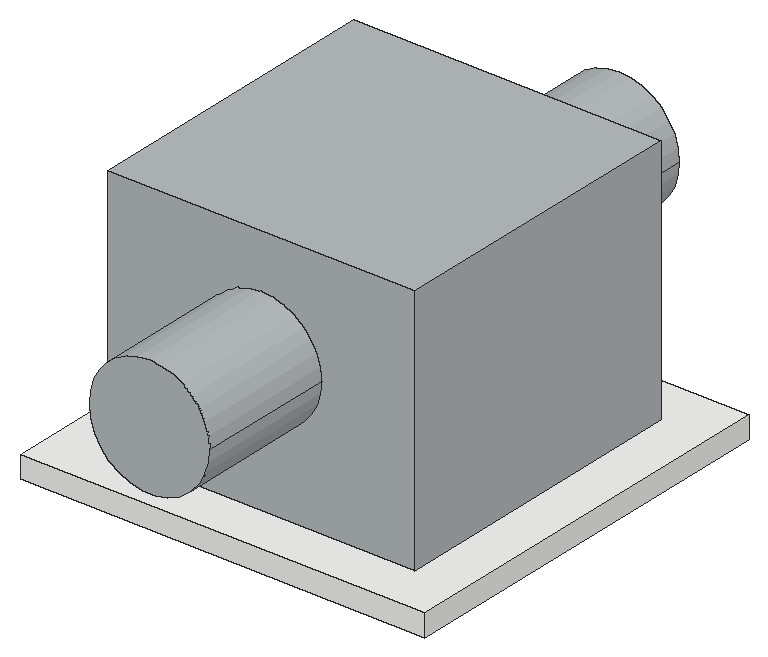
Revit family "vd-13_15zf14_50Hz", category 機械設備, Revit 2019
Family settings
  丸型コネクタ寸法 = 直径を使用
  パーツ タイプ = 標準
  OmniClass 番号 = 23.75.35.17.27
  OmniClass タイトル = Centrifugal Fans
  作業面ベース = いいえ
  常に垂直 = はい
  ロード時にボイドで切り取り = いいえ
  共有 = いいえ
  部屋計算ポイント = はい
Parameters (values of type "VD-15ZF14")
  騒音レベル(dB(A)) [instance] = 35
  風量 [instance] = 210.0 m³/h
  電源種別 [instance] = ""
  電圧 = 100 V
  電動機出力 = 0 W
  電動機_種別 [instance] = ""
  運転質量 = 0.00 kg
  連動 [instance] = ""
  質量 = if(製品質量 > 運転質量, 製品質量, 運転質量) * 1.2  # 5.04 kg
  負荷分類 = 3_ファン類
  説明 = "ダクト用換気扇 2部屋換気用 低騒音形"
  設計風量 [instance] = 0.0 m³/h
  設置方法 = "天埋"
  記号 [instance] = ""
  製造元 = "三菱電機株式会社"
  製品質量 = 4.20 kg
  製品出荷対象 = "国内"
  製品リリース年月 = "2024年6月3日"
  製品グループ = ""
  系統 [instance] = ""
  符号 [instance] = if(☑給気／□排気, "FS", "FE")  # "FE"
  積算_科目 = "2 換気設備"
  積算_拾い区分 [instance] = ""
  相 = 1
  盤記号 [instance] = ""
  発停方法 [instance] = ""
  特殊仕様 [instance] = ""
  火災停止 [instance] = ""
  消費電力 = 20 W
  法定耐用年数 = "15"
  機外静圧 [instance] = 0.0 Pa
  極数 = 2
  材質 [instance] = ""
  操作・制御方式 = ""
  操作・制御スイッチ = ""
  排気量 [instance] = if(☑給気／□排気, 0.0 m³/h, 設計風量)  # 0.0 m³/h
  形式 = "天井埋込ダクト形"
  幹線記号 [instance] = ""
  対象室 [instance] = ""
  実風量 [instance] = 0.0 m³/h
  始動方式 [instance] = "直入"
  外気量 [instance] = if(☑給気／□排気, 設計風量, 0.0 m³/h)  # 0.0 m³/h
  呼称 = "天井扇"
  周波数 = 50 Hz
  参照している仕様書等のバージョン = ""
  分類コード = "50052503100030"
  分類グループ = ""
  価格 = 37300
  企業コード = "108420"
  付属品_防振装置 = ""
  付属品 [instance] = ""
  仕様書バージョン = "Version1.0"
  モデル = "VD-15ZF14"
  マテリアル = 鋼板
  ファンの種類 = ""
  ダクト径 = 100 mm
  コメント [instance] = ""
  Keynote = ""
  カバーマテリアル = 合成樹脂(白)
  ☑給気／□排気 [instance] = no
  Width = 251 mm
  W1 = 330 mm
  Version = ""
  Uniclass2015Version = "Systems v1.9"
  Uniclass2015Title = "Centrifugal fans"
  Uniclass2015Code = "Pr_65_67_29_12"
  URL = "https://www.mitsubishielectric.co.jp/ldg/wink/qr/002/333606/"
  SpecificationReference = ""
  SpecificationDescription = ""
  Revision = ""
  RAダクト接続口_3 = no
  RAダクト接続口_2 = no
  RAダクト接続口_1 = yes
  RAサイズ_D = 98 mm
  RA_Duct_Height = 111 mm
  RA_Duct_Depth = 114 mm
  ProductInformation = ""
  OmniClassCode = "23-33 31 19 11 15"
  MIN風量 = 0.0 m³/h
  MIN静圧 = 0.0 Pa
  MID風量 = 0.0 m³/h
  MID静圧 = 0.0 Pa
  MAX風量 = 210.0 m³/h
  MAX静圧 = 0.0 Pa
  IfcTypeProduct = ""
  IfcProduct = ""
  IfcExportType = "PROPELLORAXIAL"
  IfcExportAs = "IfcFanType"
  Height = 204 mm
  H1 = 18 mm
  EAサイズ_D = 98 mm
  EA_Duct_Height = 111 mm
  EA_Duct_Depth = 114 mm
  Duct_Height = 111 mm
  Duct_Depth = 114 mm
  Duct_Center = 0 mm
  Depth = 251 mm
  D1 = 330 mm
  Box_Width = 24.336 mm
  Box_W = 104.664 mm
  Box_Height = 87 mm
  Box_H = 41.608 mm
  Author = "三菱電機株式会社"
Types (2, lengths in mm): name | 騒音レベル(dB(A)) | 風量 | 消費電力 | 価格 | モデル | URL | MAX風量
  VD-13ZF14 | 29 | 175.0 m³/h | 13.5 W | 33900 | "VD-13ZF14" | "https://www.mitsubishielectric.co.jp/ldg/wink/qr/002/333586/" | 175.0 m³/h
  VD-15ZF14 | 35 | 210.0 m³/h | 20 W | 37300 | "VD-15ZF14" | "https://www.mitsubishielectric.co.jp/ldg/wink/qr/002/333606/" | 210.0 m³/h
Reference planes
  plane 1 "中心(正面/背面)": y = 0
  plane 2: z = 0
  plane 3 "中心(左/右)": x = 0
  plane 4: x = -165
  plane 5: x = 165
  plane 6: y = 165
  plane 7: y = -165
  plane 8: x = -125.5
  plane 9: x = 125.5
  plane 10: y = 125.5
  plane 11: y = -125.5
  plane 12: y = -239.5
  plane 13: z = 204
  plane 14: z = -18
  plane 15: z = 111
  plane 16: x = 0
  plane 17: y = 239.5
  plane 18: z = 111
  plane 19: x = 239.5
  plane 20: x = -239.5
  plane 21: z = 111
  plane 22: x = 104.664
  plane 23: x = 80.327
  plane 24: z = 23.608
  plane 25: z = 110.608
Forms (mm)
  Extrusion 1, solid, material "鋼板" <- "マテリアル", detail levels fine
    sketch origin (0, 0, 0) x (1, 0, 0) y (0, 1, 0)
      loop
        line (-125.5, 125.5) -> (-125.5, -125.5) -> (125.5, -125.5) -> (125.5, 125.5) -> (-125.5, 125.5)
    from 0 to 204
  Extrusion 2, solid, material "合成樹脂(白)" <- "カバーマテリアル", detail levels fine
    sketch origin (0, 0, 0) x (1, 0, 0) y (0, 1, 0)
      loop
        line (-165, 165) -> (-165, -165) -> (165, -165) -> (165, 165) -> (-165, 165)
    from 0 to -18
  Extrusion 3, solid, material "鋼板" <- "マテリアル", detail levels fine
    sketch origin (0, 0, 0) x (1, 0, 0) y (0, 0, 1)
      loop
        circle (0, 111) r 49
    from 125.5 to 239.5
  Extrusion 4, solid, material "鋼板" <- "マテリアル", visible <- "RAダクト接続口_1", detail levels fine
    sketch origin (1.655, 0, 0) x (1, 0, 0) y (0, 0, 1)
      loop
        circle (-1.655, 111) r 49
    from -239.5 to -125.5
  Extrusion 5, solid, material "鋼板" <- "マテリアル", visible <- "RAダクト接続口_3", detail levels fine
    sketch origin (0, 0, 0) x (0, 1, 0) y (0, 0, 1)
      loop
        circle (0, 111) r 49
    from -239.5 to -125.5
  Extrusion 6, solid, material "鋼板" <- "マテリアル", visible <- "RAダクト接続口_2", detail levels fine
    sketch origin (0, 0, 0) x (0, 1, 0) y (0, 0, 1)
      loop
        circle (0, 111) r 49
    from 125.5 to 239.5
Dimensions and locks
  equal spacing: plane 4, plane 3 "中心(左/右)", plane 5
  "W1": plane 4 to plane 5
  equal spacing: plane 6, plane 1 "中心(正面/背面)", plane 7
  "D1": plane 6 to plane 7
  equal spacing: plane 8, plane 3 "中心(左/右)", plane 9
  "Width": plane 8 to plane 9
  equal spacing: plane 10, plane 1 "中心(正面/背面)", plane 11
  "Depth": plane 10 to plane 11
  "EA_Duct_Depth": plane 11 to plane 12
  "Height": plane 13 to plane 2
  "EA_Duct_Height": plane 15 to plane 2
  "H1": plane 2 to plane 14
  "Duct_Center": plane 3 "中心(左/右)" to plane 16
  "RA_Duct_Height": level to plane 18
  "RA_Duct_Depth": plane 17 to plane 10
  "RA_Duct_Depth": plane 9 to plane 19
  "RA_Duct_Depth": plane 20 to plane 8
  "RA_Duct_Height": plane 21 to level
  "Box_W": plane 22 to plane 3 "中心(左/右)"
  "Box_Width": plane 22 to plane 23
  "Box_H": plane 24 to plane 14
  "Box_Height": plane 25 to plane 24
  "EAサイズ_D": diameter of Extrusion 3 sketch curve
  "RAサイズ_D": diameter of Extrusion 4 sketch curve
  "RAサイズ_D": diameter of Extrusion 6 sketch curve
  "RAサイズ_D": diameter of Extrusion 6
  aligned and locked: level to plane 2
  aligned and locked: plane 5 to Extrusion 2
  aligned and locked: plane 6 to Extrusion 2
  aligned and locked: Extrusion 2 to plane 4
  aligned and locked: Extrusion 2 to plane 7
  aligned and locked: plane 9 to Extrusion 1
  aligned and locked: Extrusion 1 to plane 11
  aligned and locked: Extrusion 1 to plane 8
  aligned and locked: plane 10 to Extrusion 1
  aligned and locked: plane 13 to Extrusion 1
  aligned and locked: Extrusion 2 to plane 14
  aligned and locked: level to Extrusion 2
  aligned and locked: Extrusion 1 to level
  aligned and locked: Extrusion 3 to plane 12
  aligned and locked: plane 11 to Extrusion 3
  aligned and locked: plane 17 to Extrusion 4
  aligned and locked: Extrusion 4 to plane 10
  aligned and locked: plane 8 to Extrusion 5
  aligned and locked: Extrusion 5 to plane 20
  aligned and locked: Extrusion 6 to plane 9
  aligned and locked: plane 19 to Extrusion 6
Automatic sketch dimensions
  Extrusion 1 sketch curve to plane 3 "中心(左/右)" = 125.5 mm
  plane 3 "中心(左/右)" to Extrusion 1 sketch curve = 125.5 mm
  Extrusion 2 sketch curve to plane 3 "中心(左/右)" = 165 mm
  plane 3 "中心(左/右)" to Extrusion 2 sketch curve = 165 mm
  plane 1 "中心(正面/背面)" to Extrusion 1 sketch curve = 125.5 mm
  Extrusion 1 sketch curve to plane 1 "中心(正面/背面)" = 125.5 mm
  plane 1 "中心(正面/背面)" to Extrusion 2 sketch curve = 165 mm
  Extrusion 2 sketch curve to plane 1 "中心(正面/背面)" = 165 mm
  Extrusion 3 sketch curve to plane 15 = 0 mm
  Extrusion 3 sketch curve to plane 16 = 0 mm
  Extrusion 4 sketch curve to plane 16 = 0 mm
  Extrusion 4 sketch curve to plane 18 = 0 mm
  Extrusion 6 sketch curve to plane 1 "中心(正面/背面)" = 0 mm
  Extrusion 6 sketch curve to plane 18 = 0 mm
  Extrusion 5 sketch curve to plane 1 "中心(正面/背面)" = 0 mm
  Extrusion 5 sketch curve to plane 18 = 0 mm
  radius of Extrusion 5 sketch curve = 49 mm
Nested families
  nested 1: "記号_天井換気扇_平面" at (0, 0, 0), type "記号_天井換気扇_平面", detail levels coarse+medium
Connectors
  hvac at (0, -239.5, 111), driven by "ダクト径", driven by "風量", driven by "機外静圧"
    settings: on Extrusion 3, index 1, duct flow 210.0 m³/h, flow factor 0, pres drop 0.0 Pa, loss coef 0, conn angle 0.00°, conn width 304.8 mm, conn height 304.8 mm, conn diameter 100 mm, duct sys type 3, conn prof type 0, flow config 0, flow direction 2, loss method 4, conn ref index -1, conn util no, is conn primary yes, conn desc ""
  electrical at (0, 0, 204), driven by "極数", driven by "負荷分類", driven by "電圧", driven by "消費電力"
    settings: on Extrusion 1, index 2, voltage 100 V, apparent load 20 VA, apparent load phase1 0 VA, apparent load phase2 0 VA, apparent load phase3 0 VA, power factor 1, load classification "3_ファン類", number of poles 2, system type 30, power factor state 1, is connector primary yes, connector utility no, sub classification motor no, connector description ""
  hvac at (0, 239.5, 111), driven by "ダクト径", driven by "機外静圧", driven by "風量"
    settings: on Extrusion 4, index 4, duct flow 210.0 m³/h, flow factor 0, pres drop 0.0 Pa, loss coef 0, conn angle 0.00°, conn width 304.8 mm, conn height 304.8 mm, conn diameter 100 mm, duct sys type 2, conn prof type 0, flow config 0, flow direction 1, loss method 4, conn ref index -1, conn util no, is conn primary no, conn desc ""
  hvac at (239.5, 0, 111), driven by "RAサイズ_D", driven by "機外静圧", driven by "風量"
    settings: on Extrusion 6, index 5, duct flow 210.0 m³/h, flow factor 0, pres drop 0.0 Pa, loss coef 0, conn angle 0.00°, conn width 304.8 mm, conn height 304.8 mm, conn diameter 98 mm, duct sys type 2, conn prof type 0, flow config 0, flow direction 1, loss method 4, conn ref index -1, conn util no, is conn primary no, conn desc ""
  hvac at (-239.5, 0, 111), driven by "RAサイズ_D", driven by "機外静圧", driven by "風量"
    settings: on Extrusion 5, index 6, duct flow 210.0 m³/h, flow factor 0, pres drop 0.0 Pa, loss coef 0, conn angle 0.00°, conn width 304.8 mm, conn height 304.8 mm, conn diameter 98 mm, duct sys type 2, conn prof type 0, flow config 0, flow direction 1, loss method 4, conn ref index -1, conn util no, is conn primary no, conn desc ""
Definition of nested family "記号_天井換気扇_平面"
  Reference planes
    plane 1: y = 0
    plane 2: x = 0
  Lines and regions (mm)
    detail lines
      curve 1: line (-2.5, 2.5, 0) -> (2.5, 2.5, 0)
      curve 2: line (-2.5, -2.5, 0) -> (-2.5, 2.5, 0)
      curve 3: line (2.5, -2.5, 0) -> (-2.5, -2.5, 0)
      curve 4: line (2.5, 2.5, 0) -> (2.5, -2.5, 0)
      curve 5: circle (-1.04, -1.04, 0) r 1.46 normal (0, 0, 1)
      curve 6: circle (1.04, 1.04, 0) r 1.46 normal (0, 0, 1)
      curve 7: line (-3.125, 3.125, 0) -> (3.125, 3.125, 0)
      curve 8: line (-3.125, -3.125, 0) -> (-3.125, 3.125, 0)
      curve 9: line (3.125, -3.125, 0) -> (-3.125, -3.125, 0)
      curve 10: line (3.125, 3.125, 0) -> (3.125, -3.125, 0)
      curve 11: circle (1.295, 1.295, 0) r 1.83 normal (0, 0, 1)
      curve 12: circle (-1.295, -1.295, 0) r 1.83 normal (0, 0, 1)
      curve 13: line (-2, 2, 0) -> (2, 2, 0)
      curve 14: line (-2, -2, 0) -> (-2, 2, 0)
      curve 15: line (2, -2, 0) -> (-2, -2, 0)
      curve 16: line (2, 2, 0) -> (2, -2, 0)
      curve 17: circle (0.84, 0.84, 0) r 1.16 normal (0, 0, 1)
      curve 18: circle (-0.84, -0.84, 0) r 1.2 normal (0, 0, 1)
